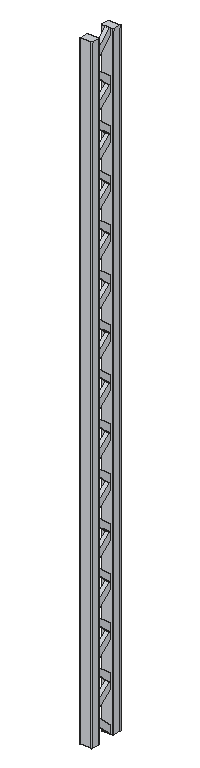
Revit family "GT24Grider4200", category Generic Models, Revit 2019
Family settings
  Can host rebar = No
  Round Connector Dimension = Use Diameter
  Part Type = Normal
  Work Plane-Based = No
  Always vertical = Yes
  Cut with Voids When Loaded = No
  Shared = No
  Room Calculation Point = No
Reference planes
  plane 1 "Center (Front/Back)": y = 0
  plane 2: z = 0
  plane 3 "Center (Left/Right)": x = 0
Forms (mm)
  Extrusion 1, solid
    sketch origin (-40, 60, 0) x (1, 0, 0) y (0, 1, 0)
      loop
        line (5, 0) -> (75, 0)
        arc (75, 0) -> (78.536, 1.464) -> (80, 5) r 5
        line (80, 5) -> (80, 55)
        arc (80, 55) -> (78.536, 58.536) -> (75, 60) r 5
        line (75, 60) -> (5, 60)
        arc (5, 60) -> (1.464, 58.536) -> (0, 55) r 5
        line (0, 55) -> (0, 5)
        arc (0, 5) -> (1.464, 1.464) -> (5, 0) r 5
    from 0 to 4200
  Extrusion 2, solid
    sketch origin (-40, -60, 0) x (1, 0, 0) y (0, 1, 0)
      loop
        arc (5, 0) -> (1.464, -1.464) -> (0, -5) r 5
        line (0, -5) -> (0, -55)
        arc (0, -55) -> (1.464, -58.536) -> (5, -60) r 5
        line (5, -60) -> (75, -60)
        arc (75, -60) -> (78.536, -58.536) -> (80, -55) r 5
        line (80, -55) -> (80, -5)
        arc (80, -5) -> (78.536, -1.464) -> (75, 0) r 5
        line (75, 0) -> (5, 0)
    from 0 to 4200
  Extrusion 3, solid
    sketch origin (0, 0, 0) x (0, 1, 0) y (0, 0, 1)
      loop
        line (60, 261) -> (60, 311) -> (-60, 213) -> (-60, 163) -> (60, 261)
    from -14 to 14
  Extrusion 4, solid
    sketch origin (0, 0, 622) x (0, 1, 0) y (0, 0, 1)
      loop
        line (60, -261) -> (-60, -163) -> (-60, -213) -> (60, -311) -> (60, -261)
    from -14 to 14
  Extrusion 5, solid
    sketch origin (0, 0, 296) x (0, 1, 0) y (0, 0, 1)
      loop
        line (60, 261) -> (60, 311) -> (-60, 213) -> (-60, 163) -> (60, 261)
    from -14 to 14
  Extrusion 6, solid
    sketch origin (0, 0, 592) x (0, 1, 0) y (0, 0, 1)
      loop
        line (60, 261) -> (60, 311) -> (-60, 213) -> (-60, 163) -> (60, 261)
    from -14 to 14
  Extrusion 7, solid
    sketch origin (0, 0, 888) x (0, 1, 0) y (0, 0, 1)
      loop
        line (60, 261) -> (60, 311) -> (-60, 213) -> (-60, 163) -> (60, 261)
    from -14 to 14
  Extrusion 8, solid
    sketch origin (0, 0, 1184) x (0, 1, 0) y (0, 0, 1)
      loop
        line (60, 261) -> (60, 311) -> (-60, 213) -> (-60, 163) -> (60, 261)
    from -14 to 14
  Extrusion 9, solid
    sketch origin (0, 0, 1480) x (0, 1, 0) y (0, 0, 1)
      loop
        line (60, 261) -> (60, 311) -> (-60, 213) -> (-60, 163) -> (60, 261)
    from -14 to 14
  Extrusion 10, solid
    sketch origin (0, 0, 1776) x (0, 1, 0) y (0, 0, 1)
      loop
        line (60, 261) -> (60, 311) -> (-60, 213) -> (-60, 163) -> (60, 261)
    from -14 to 14
  Extrusion 11, solid
    sketch origin (0, 0, 3872) x (0, 1, 0) y (0, 0, 1)
      loop
        line (60, 278) -> (60, 328) -> (-60, 213) -> (-60, 163) -> (60, 278)
    from -14 to 14
  Extrusion 12, solid
    sketch origin (0, 0, 918) x (0, 1, 0) y (0, 0, 1)
      loop
        line (60, -261) -> (-60, -163) -> (-60, -213) -> (60, -311) -> (60, -261)
    from -14 to 14
  Extrusion 13, solid
    sketch origin (0, 0, 1214) x (0, 1, 0) y (0, 0, 1)
      loop
        line (60, -261) -> (-60, -163) -> (-60, -213) -> (60, -311) -> (60, -261)
    from -14 to 14
  Extrusion 14, solid
    sketch origin (0, 0, 1510) x (0, 1, 0) y (0, 0, 1)
      loop
        line (60, -261) -> (-60, -163) -> (-60, -213) -> (60, -311) -> (60, -261)
    from -14 to 14
  Extrusion 15, solid
    sketch origin (0, 0, 1806) x (0, 1, 0) y (0, 0, 1)
      loop
        line (60, -261) -> (-60, -163) -> (-60, -213) -> (60, -311) -> (60, -261)
    from -14 to 14
  Extrusion 16, solid
    sketch origin (0, 0, 2102) x (0, 1, 0) y (0, 0, 1)
      loop
        line (60, -261) -> (-60, -163) -> (-60, -213) -> (60, -311) -> (60, -261)
    from -14 to 14
  Extrusion 17, solid
    sketch origin (0, 0, 2398) x (0, 1, 0) y (0, 0, 1)
      loop
        line (60, -261) -> (-60, -163) -> (-60, -213) -> (60, -311) -> (60, -261)
    from -14 to 14
  Extrusion 18, solid
    sketch origin (0, 0, 326) x (0, 1, 0) y (0, 0, 1)
      loop
        line (60, -326) -> (60, -276) -> (-60, -163) -> (-60, -213) -> (60, -326)
    from -14 to 14
  Extrusion 19, solid
    sketch origin (0, 0, 2072) x (0, 1, 0) y (0, 0, 1)
      loop
        line (60, 261) -> (60, 311) -> (-60, 213) -> (-60, 163) -> (60, 261)
    from -14 to 14
  Extrusion 20, solid
    sketch origin (0, 0, 2694) x (0, 1, 0) y (0, 0, 1)
      loop
        line (60, -261) -> (-60, -163) -> (-60, -213) -> (60, -311) -> (60, -261)
    from -14 to 14
  Extrusion 21, solid
    sketch origin (0, 0, 2368) x (0, 1, 0) y (0, 0, 1)
      loop
        line (60, 261) -> (60, 311) -> (-60, 213) -> (-60, 163) -> (60, 261)
    from -14 to 14
  Extrusion 22, solid
    sketch origin (0, 0, 2990) x (0, 1, 0) y (0, 0, 1)
      loop
        line (60, -261) -> (-60, -163) -> (-60, -213) -> (60, -311) -> (60, -261)
    from -14 to 14
  Extrusion 23, solid
    sketch origin (0, 0, 2664) x (0, 1, 0) y (0, 0, 1)
      loop
        line (60, 261) -> (60, 311) -> (-60, 213) -> (-60, 163) -> (60, 261)
    from -14 to 14
  Extrusion 24, solid
    sketch origin (0, 0, 3286) x (0, 1, 0) y (0, 0, 1)
      loop
        line (60, -261) -> (-60, -163) -> (-60, -213) -> (60, -311) -> (60, -261)
    from -14 to 14
  Extrusion 25, solid
    sketch origin (0, 0, 2960) x (0, 1, 0) y (0, 0, 1)
      loop
        line (60, 261) -> (60, 311) -> (-60, 213) -> (-60, 163) -> (60, 261)
    from -14 to 14
  Extrusion 26, solid
    sketch origin (0, 0, 3582) x (0, 1, 0) y (0, 0, 1)
      loop
        line (60, -261) -> (-60, -163) -> (-60, -213) -> (60, -311) -> (60, -261)
    from -14 to 14
  Extrusion 27, solid
    sketch origin (0, 0, 3256) x (0, 1, 0) y (0, 0, 1)
      loop
        line (60, 261) -> (60, 311) -> (-60, 213) -> (-60, 163) -> (60, 261)
    from -14 to 14
  Extrusion 28, solid
    sketch origin (0, 0, 3878) x (0, 1, 0) y (0, 0, 1)
      loop
        line (60, -261) -> (-60, -163) -> (-60, -213) -> (60, -311) -> (60, -261)
    from -14 to 14
  Extrusion 29, solid
    sketch origin (0, 0, 3552) x (0, 1, 0) y (0, 0, 1)
      loop
        line (60, 261) -> (60, 311) -> (-60, 213) -> (-60, 163) -> (60, 261)
    from -14 to 14
  Extrusion 30, solid
    sketch origin (0, 0, 4174) x (0, 1, 0) y (0, 0, 1)
      loop
        line (60, -261) -> (-60, -163) -> (-60, -213) -> (60, -311) -> (60, -261)
    from -14 to 14
Dimensions and locks
  Extrusion 1 to Extrusion 2 = 240 mm
  aligned and locked: level to plane 2
